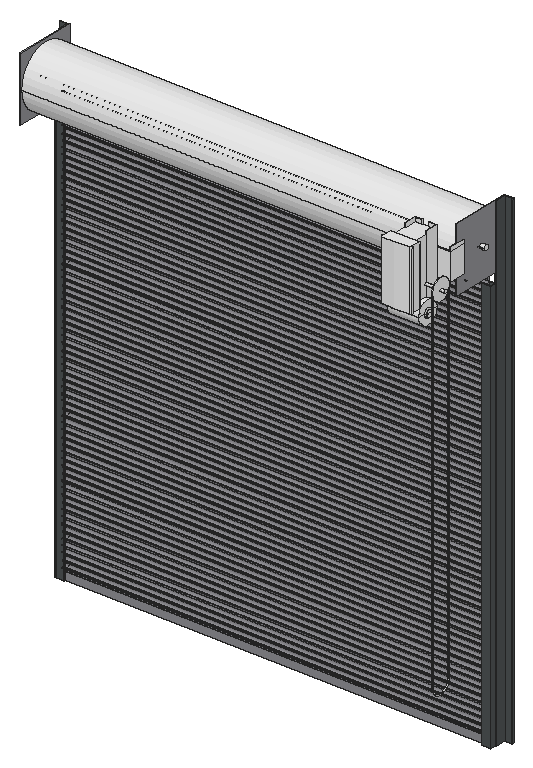
Revit family "Doors_Fire-Doors-Shutters_Overhead-Door-Corporation_FireKing-Fire-Rated-Service-Doors-634_", category Specialty Equipment, host Wall, Revit 2019
Family settings
  Host = Wall
  Round Connector Dimension = Use Diameter
  Part Type = Normal
  OmniClass Number = 23.30.10.21.34
  OmniClass Title = Industrial Doors
  Always vertical = Yes
  Cut with Voids When Loaded = Yes
  Shared = No
  Room Calculation Point = No
Parameters (values of type "115 volts, one phase, 60 Hz (110-120V range)")
  Width Count [instance] = if(or(Opening Width < 168", Opening Width = 168"), 14, if(or(Opening Width < 240", Opening Width = 240"), 20, 24))  # 14
  Warning Sign [instance] = if(Calculated Area > 683.00 SF, 1 = 1, 1 = 2)  # no
  Warning (Note) [instance] = if(Warning Sign, "The Door Area is out of the limit; please adjust accordingly. The maximum allowed area is 683 sq. ft.", if(HC Warning = 1, "Headroom Clearance Dimensions - out of the limits. Consult Factory", " "))  # " "
  Wall Thickness [instance] = 6"
  Voltage = 115 V
  True Opening Width [instance] = Clear Width  # 120"
  True Opening Height [instance] = Clear Height  # 120"
  Slat Type [instance] = if(Slat Option < 2, "C-187", if(Slat Option = 2, "C-275", "F-265"))  # "C-187"
  Slat Option [instance] = 1
  Slat Material [instance] = Steel - Overhead Door - Gray
  Slat Length [instance] = Clear Width + 1 9/16" * 2 + 1/4" * 2  # 123 5/8"
  Slat Height [instance] = if(Slat < 2, 11 9/32", if(Slat = 2, 13 3/4", 13 19/128"))  # 11 9/32"
  Slat [instance] = if(Slat Option < 2, 1, if(Slat Option = 2, 2, 3))  # 1
  Product Page URL = "https://www.overheaddoor.com/fire-rated-service-doors-634"
  Power Factor = 1
  Powder Coat (Note) = "PowderGuard® Premium powder coat finish options are available in approximately 200 colors as well as custom matching to specification. PowderGuard® Textured finish, a thicker, more scratch resistant coat, is available in 11 colors providing enhanced scratch resistance as well as aiding in hiding the dirt and blemishes that often occur in commercial environments.​"  # constant formula
  Operator Visibility = yes
  Operation (Note) [instance] = "Door could operate by manual push, crank, electrical operator or chain hoist. Manual push up and crank could be used up to 80 sf, for larger door sizes you have to use Chain Hoist operator."  # constant formula
  Opening Width Real [instance] = if(Opening Width > Max Opening Width, Max Opening Width, if(Opening Width < Min Opening Width, Min Opening Width, Opening Width))  # 120"
  Opening Width [instance] = 120"
  Opening Height Real [instance] = if(Opening Height > Max Opening Height, Max Opening Height, if(Opening Height < Min Opening Height, Min Opening Height, Opening Height))  # 120"
  Opening Height [instance] = 120"
  One Array element [instance] = not(Array Vis)  # no
  Number of Poles = 1
  Motor Type [instance] = if(Motor Option < 2, "RSX FDO Front of Hood", if(Motor Option = 2, "RSX FDO Top of Hood", if(Motor Option = 3, "RSX Wall Mount", "RSX Bench Mount")))  # "RSX FDO Front of Hood"
  Motor Selection (Note) [instance] = "Generic operator shown. Contact Overhead Door when dimensions are critical. "  # constant formula
  Motor Position [instance] = 2 1/2"  # constant formula
  Motor Option Real [instance] = if(Motor Option < 1, 1, if(Motor Option > 4, 4, Motor Option))  # 1
  Motor Option [instance] = 1
  Min Opening Width [instance] = 18"  # constant formula
  Min Opening Height [instance] = 24"  # constant formula
  Max Opening Width [instance] = 494"  # constant formula
  Max Opening Height [instance] = 304"  # constant formula
  Lookup Table = "Hood Dimensions"  # constant formula
  Lookup BD [instance] = size_lookup(Lookup Table, if(Slat = 1, "A1", if(Slat = 2, "A2", "A3")), 10", Width Count, Height Count)  # 17 1/2"
  Jambs Offset [instance] = 0"  # constant formula
  Installation Real [instance] = Wall Thickness  # 6"
  Hood Type [instance] = if(Hood Option < 2, "No Hood", if(Hood Option = 2, "Square Hood", if(Hood Option = 3, "Octagon Hood", "Round Hood")))  # "No Hood"
  Hood Option [instance] = 1
  Hood Offset [instance] = if(Chain Hoist or Manual, 1", 3")  # 3"
  Hood Material [instance] = Metal - Overhead Door - Gray
  Hood Height [instance] = if(Hood Option > 1, Headroom Height - Hood Offset - 1 1/2", Headroom Height - Hood Offset)  # 18 5/8"
  Height Count [instance] = if(Slat = 1, HC 1, if(Slat = 2, HC 2, HC 3))  # 10
  Lookup HH [instance] = size_lookup(Lookup Table, if(Slat = 1, "B1", if(Slat = 2, "B2", "B3")), 10", Width Count, Height Count)  # 19 5/8"
  Headroom Height [instance] = if(Chain Hoist or Manual, Lookup HH, Lookup HH + 2")  # 21 5/8"
  HC Warning [instance] = size_lookup(Lookup Table, if(Slat = 1, "W1", if(Slat = 2, "W2", "W3")), 0, Width Count, Height Count)  # 0
  HC 3 [instance] = if(or(Opening Height < 120", Opening Height = 120"), 10, if(or(Opening Height < 168", Opening Height = 168"), 14, if(or(Opening Height < 192", Opening Height = 192"), 16, if(or(Opening Height < 216", Opening Height = 216"), 18, if(or(Opening Height < 228", Opening Height = 228"), 19, if(or(Opening Height < 252", Opening Height = 252"), 21, 24))))))  # 10
  HC 2 [instance] = if(or(Opening Height < 120", Opening Height = 120"), 10, if(or(Opening Height < 132", Opening Height = 132"), 11, if(or(Opening Height < 168", Opening Height = 168"), 14, if(or(Opening Height < 192", Opening Height = 192"), 16, if(or(Opening Height < 216", Opening Height = 216"), 18, if(or(Opening Height < 228", Opening Height = 228"), 19, if(or(Opening Height < 252", Opening Height = 252"), 21, 24)))))))  # 10
  HC 1 [instance] = if(or(Opening Height < 120", Opening Height = 120"), 10, if(or(Opening Height < 252", Opening Height = 252"), 21, 24))  # 10
  Guide Type [instance] = "Angled Z Guide"  # constant formula
  Guide Option [instance] = 2  # constant formula
  Guid Depth [instance] = 5"  # constant formula
  Frequency = 60 Hz
  Face of Wall Offset [instance] = 5"  # constant formula
  Door Width True [instance] = Clear Width + 5 3/4" * 2  # 131 1/2"
  Door Width (Real) [instance] = Clear Width + 1" / 2  # 120 1/2"
  Door Height True [instance] = Clear Width + Headroom Height  # 141 5/8"
  Door Height (Real) [instance] = Clear Height + Hood Offset  # 123"
  URL = "https://www.overheaddoor.com/"
  Product data url = "https://www.bimobject.com/overhead-door/product/fireking-fire-rated-service-doors-634"
  Product Guid = "4cbd5561-2503-414f-8e19-e77c0373dcf8"
  Model = "634"  # constant formula
  Manufacturer = "Overhead Door Corporation"  # constant formula
  Wall Closure = By host
  Floor To (CL) of Shaft [instance] = Clear Height + Hood Height / 2 + Hood Offset  # 132 5/16"
  Finish Material = Finish - Overhead Door - Black
  Description = "FireKing Model 634 Rolling Fire Door"  # constant formula
  Clear Width [instance] = Opening Width Real  # 120"
  Clear Height [instance] = Opening Height Real  # 120"
  Chain Hoist or Manual = no
  Current = 20 A
  Connector Array Distance = 0"  # constant formula
  Connector Array = if(Chain Hoist or Manual, 2, 3)  # 3
  Bar [instance] = no
  Backroom Depth [instance] = Lookup BD  # 17 1/2"
  BJ Opening Cut [instance] = 0"  # constant formula
  BJ Displacement Real [instance] = 0"  # constant formula
  Array Vis [instance] = if(Array < 2, 1 = 2, 1 = 1)  # yes
  Array Real [instance] = if(Array < 2, 2, Array)  # 11
  Array Length [instance] = (Array) * Slat Height  # 124 3/32"
  Array [instance] = rounddown(([Door Height (Real)]) / Slat Height) + 1  # 11
  Calculated Area [instance] = [Door Width (Real)] * [Door Height (Real)]  # 102.927 SF
  Apparent Load Phase 3 = if(Number of Poles = 1, 0 VA, (Voltage * Current * sqrt(3)) / 3)  # 0 VA
  Apparent Load Phase 2 = if(Number of Poles = 1, 0 VA, (Voltage * Current * sqrt(3)) / 3)  # 0 VA
  Apparent Load Phase 1 = if(Number of Poles = 1, Voltage * Current, (Voltage * Current * sqrt(3)) / 3)  # 2300 VA
Reference planes (in)
  plane 1 "Center (Front/Back)": y = -14.625
  plane 2 "Center (Left/Right)": x = 0
  plane 3 "Left": x = -60
  plane 4 "Right": x = 60
  plane 5 "Exterior": y = -8.625
  plane 6 "Interior": y = -14.625
  plane 7: x = 65.75
  plane 8: x = -65.75
  plane 9: z = 120
  plane 10 "Main": y = -18.98437
  plane 11 "Backroom Depth": y = -32.125
  plane 12 "Main Door Block": y = -14.625
  plane 13 "Bottom Bar": z = 2.75
  plane 14: y = -19.625
  plane 15: z = 126.84375
  plane 16: z = 141.625
  plane 17: z = 123
  plane 18: z = 143.125
  plane 19: z = 0
  plane 20: z = 60
  plane 21: y = -18.7185
  plane 22: y = 18.375
  plane 23: y = -41.625
  plane 24 "Double Main": y = -18.406
  plane 25 "Headroom Top": z = 141.625
  plane 26: z = 132.3125
  plane 27: x = 63.25
  plane 28: x = -63.25
Forms (in)
  Extrusion 1, void
    sketch origin (0, -14.625, 0) x (0, 0, -1) y (-1, 0, 0)
      loop
        line (-120, 60) -> (-120, -60) -> (0, -60) -> (0, 60) -> (-120, 60)
    from 0 to 6
  Extrusion 2, solid, material "Metal - Overhead Door - Gray" <- "Hood Material", visible <- "Bar"
    sketch origin (0, 0, 0) x (0, 1, 0) y (0, 0, 1)
      loop
        line (-14.875, 141.625) -> (-14.625, 141.625) -> (-14.625, 143.125) -> (-14.875, 143.125) -> (-14.875, 141.625)
    from -63 to 63
Lines and regions (in)
  symbolic lines, visible <- "Bar"
    curve 1: line (63, -14.625, 0) -> (-63, -14.625, 0)
    curve 2: line (-63, -14.875, 0) -> (63, -14.875, 0)
Text (in)
  text "Exterior" at (-74.96733, 27.31104, 0), in view "Ref. Level"
  text "Interior" at (-74.96733, -25.14366, 0), in view "Ref. Level"
  text "Exterior" at (0, 40.15149, 123.01588), in view "Right"
  text "Interior" at (0, -64.39139, 123.01588), in view "Right"
  text "Interior" at (0, -31.01599, 123.00693), in view "Left"
  text "Exterior" at (0, 54.57065, 123.00693), in view "Left"
Dimensions and locks (in)
  equal spacing: plane 3 "Left", plane 2 "Center (Left/Right)", plane 4 "Right"
  "Clear Width": plane 3 "Left" to plane 4 "Right"
  level to host wall = 459.59655"
  "Clear Height": level to plane 9
  plane 7 to plane 8 = 131 1/2"
  equal spacing: plane 7, plane 2 "Center (Left/Right)", plane 8
  locked: plane 13 "Bottom Bar" to level at 2.75
  "Door Width True": plane 7 to plane 8
  "Guid Depth": plane 14 to plane 12 "Main Door Block"
  locked: plane 14 to plane 10 "Main" at 0.64063
  equal spacing: group 1, group 3, group 4, group 5, group 6, group 7, group 8, group 9, group 10, group 11, group 2  (x3)
  "Array Length": plane 15 to plane 13 "Bottom Bar"
  "Backroom Depth": plane 11 "Backroom Depth" to plane 12 "Main Door Block"
  "Hood Height": plane 16 to plane 17
  locked: plane 18 to plane 16 at 1.5
  locked: Extrusion 2 sketch curve to Extrusion 2 sketch curve at 0.25
  "Installation Real": plane 1 "Center (Front/Back)" to plane 5 "Exterior"
  "Wall Thickness": host wall to host wall
  equal spacing: plane 9, plane 20, plane 19
  locked: plane 10 "Main" to plane 21 at 0.26587
  equal spacing: plane 22, host wall, plane 23
  locked: plane 22 to plane 23 at 60
  locked: plane 10 "Main" to plane 24 "Double Main" at 0.57837
  "BJ Opening Cut": Extrusion 1 sketch curve to plane 9
  locked: Extrusion 2 sketch curve to Extrusion 2 sketch curve at 1.5
  "Hood Offset": plane 17 to plane 9
  "Headroom Height": plane 25 "Headroom Top" to plane 9
  "Floor To (CL) of Shaft": plane 26 to level
  "Jambs Offset": plane 4 "Right" to Extrusion 1 sketch curve
  "Jambs Offset": Extrusion 1 sketch curve to plane 3 "Left"
  "Motor Position": plane 7 to plane 27
  "Motor Position": plane 28 to plane 8
  locked: plane 28 to Extrusion 2 at 0.25
  locked: Extrusion 2 to plane 27 at 0.25
  aligned and locked: plane 5 "Exterior" to host wall
  aligned and locked: host wall to plane 6 "Interior"
  aligned and locked: level to Extrusion 1 sketch curve
  aligned and locked: Extrusion 1 to plane 5 "Exterior"
  aligned and locked: plane 6 "Interior" to Extrusion 1
  aligned and locked: nested 1 to plane 10 "Main"
  aligned and locked: nested 2 to plane 10 "Main"
  aligned and locked: plane 13 "Bottom Bar" to nested 1
  aligned and locked: nested 3 to plane 2 "Center (Left/Right)"
  aligned and locked: plane 16 to nested 4
  aligned and locked: nested 3 to level
  aligned and locked: Extrusion 2 sketch curve to plane 18
  aligned and locked: plane 6 "Interior" to Extrusion 2 sketch curve
  aligned and locked: curve 1 to Extrusion 2  (x2)
  aligned and locked: curve 2 to Extrusion 2  (x2)
  aligned and locked: Extrusion 2 to curve 2
  aligned and locked: plane 12 "Main Door Block" to plane 1 "Center (Front/Back)"
  aligned and locked: plane 5 "Exterior" to nested 4
  aligned and locked: level to plane 19
  aligned and locked: plane 15 to nested 2
  aligned and locked: nested 3 to plane 1 "Center (Front/Back)"
  aligned and locked: plane 2 "Center (Left/Right)" to nested 5
  aligned and locked: nested 5 to plane 22
  aligned and locked: plane 23 to nested 6
  aligned and locked: nested 6 to plane 2 "Center (Left/Right)"
  aligned and locked: nested 7 to plane 20
  aligned and locked: plane 2 "Center (Left/Right)" to nested 7
  aligned and locked: nested 7 to plane 10 "Main"
  aligned and locked: plane 13 "Bottom Bar" to nested 8
  aligned and locked: plane 2 "Center (Left/Right)" to nested 8
  aligned and locked: nested 8 to plane 10 "Main"
  aligned and locked: nested 4 to plane 27
  aligned and locked: plane 2 "Center (Left/Right)" to nested 1
  aligned and locked: plane 2 "Center (Left/Right)" to nested 9
Automatic sketch dimensions
  curve 1 to curve 2 = 0"
Nested families (in)
  nested 1: "Slat" at (0, -18.98437, 2.75), visible <- "Array Vis", type "Slat"
  nested 2: "Slat" at (0, -18.98437, 115.56375), visible <- "Array Vis", type "Slat"
  nested 3: "Lifts" at (0, -14.625, 0), type "Frame Unit"
    with Square Hood no, Round Hood no, Octagon Hood no, No Hood yes, Hood Offset 3", Hood Height 18 5/8", Half Hood Height 18 5/8", Floor To (CL) of Shaft 132 5/16"
  nested 4: "Motor" at (56.3705, -39.705, 121.2425), visible <- "Operator Visibility", type "Trolley Motor"
  nested 5: "Label Annotation 1" at (0, 18.375, 0), visible <- "Warning Sign", type "Label Annotation 1"
  nested 6: "Label Annotation 1" at (0, -41.625, 0) x (-1, 0, 0) z (0, 0, 1), visible <- "Warning Sign", type "Label Annotation 1"
  nested 7: "Warning Sign" at (0, -18.98437, 60), visible <- "Warning Sign", type "Warning Sign"
    with Warning Sign no
  nested 8: "Slat" at (0, -18.98437, 2.75), visible <- "One Array element", type "Slat"
  nested 9: "Slat" at (0, -18.98437, 14.03137), visible <- "Array Vis", type "Slat"
  nested 10: "Slat" at (0, -18.98437, 25.31275), visible <- "Array Vis", type "Slat"
  nested 11: "Slat" at (0, -18.98437, 36.59412), visible <- "Array Vis", type "Slat"
  nested 12: "Slat" at (0, -18.98437, 47.8755), visible <- "Array Vis", type "Slat"
  nested 13: "Slat" at (0, -18.98437, 59.15687), visible <- "Array Vis", type "Slat"
  nested 14: "Slat" at (0, -18.98437, 70.43825), visible <- "Array Vis", type "Slat"
  nested 15: "Slat" at (0, -18.98437, 81.71963), visible <- "Array Vis", type "Slat"
  nested 16: "Slat" at (0, -18.98437, 93.001), visible <- "Array Vis", type "Slat"
  nested 17: "Slat" at (0, -18.98437, 104.28238), visible <- "Array Vis", type "Slat"
Connectors (in)
  electrical at (59.3585, -38.31077, 131.8123), driven by "Apparent Load Phase 1", driven by "Number of Poles", driven by "Power Factor", driven by "Voltage", driven by "Apparent Load Phase 2", driven by "Apparent Load Phase 3"
    settings: on nested 4, index 1, voltage 115 V, apparent load 0 VA, apparent load phase1 2300 VA, apparent load phase2 0 VA, apparent load phase3 0 VA, power factor 1, load classification "Other", number of poles 1, system type 31, power factor state 1, is connector primary yes, connector utility no, sub classification motor no, connector description "Electrical Connector"
Definition of nested family "Slat"
  Parameters (values of type "Slat")
    Slat Width = if(Slat Option < 2, 0.53", if(Slat Option = 2, 0.88", 0.63"))  # 0.53"
    Slat Position = if(Slat Option < 2, 1.88" * 6, if(Slat Option = 2, 2 3/4" * 5, 2.63" * 5))  # 11.28"
    Slat Option = 1
    Panel Material = none
    Opening Width = 123 5/8"
    F 265 = if(Slat Option > 2, 1 = 1, 1 = 2)  # no
    Default Elevation = 48"
    C 275 = if(Slat Option = 2, 1 = 1, 1 = 2)  # no
    C 187 = if(Slat Option < 2, 1 = 1, 1 = 2)  # yes
  Reference planes (in)
    plane 1 "Center (Front/Back)": y = 0
    plane 2: z = 0
    plane 3 "Center (Left/Right)": x = 0
    plane 4: x = -61.8125
    plane 5: x = 61.8125
    plane 6: y = 0.53
    plane 7: y = 0
    plane 8: z = 0
    plane 9: z = 11.28
    plane 10: y = 0.265
  Forms (in)
    Extrusion 1, solid, material <- "Panel Material", visible <- "C 187"
      sketch origin (0, -4.98186, 11.28) x (0, 1, 0) y (0, 0, 1)
        loop
          arc (5.13374, -0.19852) -> (5.22413, 0.04375) -> (4.98186, -0.04664) r 0.14213
          arc (4.98186, -0.04664) -> (5.00563, -0.16042) -> (5.08572, -0.24466) r 0.21243
          arc (5.08572, -0.24466) -> (5.4383, -0.89756) -> (5.02595, -1.51447) r 0.71901
          arc (5.02595, -1.51447) -> (4.97908, -1.58828) -> (5.02595, -1.6621) r 0.08156
          arc (5.02595, -1.6621) -> (5.11263, -1.7164) -> (5.18387, -1.78979) r 0.42621
          arc (5.18387, -1.78979) -> (4.98591, -1.90085) -> (5.06579, -2.11331) r 0.17419
          arc (5.06579, -2.11331) -> (5.43875, -2.76611) -> (5.02595, -3.39447) r 0.71901
          arc (5.02595, -3.39447) -> (4.97908, -3.46828) -> (5.02595, -3.5421) r 0.08156
          arc (5.02595, -3.5421) -> (5.11263, -3.5964) -> (5.18387, -3.66979) r 0.42621
          arc (5.18387, -3.66979) -> (4.98591, -3.78085) -> (5.06579, -3.99331) r 0.17419
          arc (5.06579, -3.99331) -> (5.43875, -4.64611) -> (5.02595, -5.27447) r 0.71901
          arc (5.02595, -5.27447) -> (4.97908, -5.34828) -> (5.02595, -5.4221) r 0.08156
          arc (5.02595, -5.4221) -> (5.11263, -5.4764) -> (5.18387, -5.54979) r 0.42621
          arc (5.18387, -5.54979) -> (4.98591, -5.66085) -> (5.06579, -5.87331) r 0.17419
          arc (5.06579, -5.87331) -> (5.43875, -6.52611) -> (5.02595, -7.15447) r 0.71901
          arc (5.02595, -7.15447) -> (4.97908, -7.22828) -> (5.02595, -7.3021) r 0.08156
          arc (5.02595, -7.3021) -> (5.11263, -7.3564) -> (5.18387, -7.42979) r 0.42621
          arc (5.18387, -7.42979) -> (4.98591, -7.54085) -> (5.06579, -7.75331) r 0.17419
          arc (5.06579, -7.75331) -> (5.43875, -8.40611) -> (5.02595, -9.03447) r 0.71901
          arc (5.02595, -9.03447) -> (4.97908, -9.10828) -> (5.02595, -9.1821) r 0.08156
          arc (5.02595, -9.1821) -> (5.11263, -9.2364) -> (5.18387, -9.30979) r 0.42621
          arc (5.18387, -9.30979) -> (4.98591, -9.42085) -> (5.06579, -9.63331) r 0.17419
          arc (5.06579, -9.63331) -> (5.43875, -10.28611) -> (5.02595, -10.91447) r 0.71901
          arc (5.02595, -10.91447) -> (4.97908, -10.98828) -> (5.02595, -11.0621) r 0.08156
          arc (5.02595, -11.0621) -> (5.11263, -11.1164) -> (5.18387, -11.18979) r 0.42621
          arc (5.18387, -11.18979) -> (4.98464, -11.27401) -> (5.11521, -11.44645) r 0.13704
          arc (5.11521, -11.44645) -> (5.2675, -11.35269) -> (5.24767, -11.17496) r 0.167
          arc (5.24767, -11.17496) -> (5.15003, -11.06824) -> (5.03941, -10.97505) r 1.11641
          arc (5.03941, -10.97505) -> (5.51106, -10.31587) -> (5.13374, -9.59852) r 0.77203
          arc (5.13374, -9.59852) -> (5.27713, -9.47917) -> (5.24767, -9.29496) r 0.18851
          arc (5.24767, -9.29496) -> (5.15003, -9.18824) -> (5.03941, -9.09505) r 1.11641
          arc (5.03941, -9.09505) -> (5.51106, -8.43587) -> (5.13374, -7.71852) r 0.77203
          arc (5.13374, -7.71852) -> (5.27713, -7.59917) -> (5.24767, -7.41496) r 0.18851
          arc (5.24767, -7.41496) -> (5.15003, -7.30824) -> (5.03941, -7.21505) r 1.11641
          arc (5.03941, -7.21505) -> (5.51106, -6.55587) -> (5.13374, -5.83852) r 0.77203
          arc (5.13374, -5.83852) -> (5.27713, -5.71917) -> (5.24767, -5.53496) r 0.18851
          arc (5.24767, -5.53496) -> (5.15003, -5.42824) -> (5.03941, -5.33505) r 1.11641
          arc (5.03941, -5.33505) -> (5.51106, -4.67587) -> (5.13374, -3.95852) r 0.77203
          arc (5.13374, -3.95852) -> (5.27713, -3.83917) -> (5.24767, -3.65496) r 0.18851
          arc (5.24767, -3.65496) -> (5.15003, -3.54824) -> (5.03941, -3.45505) r 1.11641
          arc (5.03941, -3.45505) -> (5.51106, -2.79587) -> (5.13374, -2.07852) r 0.77203
          arc (5.13374, -2.07852) -> (5.27713, -1.95917) -> (5.24767, -1.77496) r 0.18851
          arc (5.24767, -1.77496) -> (5.15003, -1.66824) -> (5.03941, -1.57505) r 1.11641
          arc (5.03941, -1.57505) -> (5.51106, -0.91587) -> (5.13374, -0.19852) r 0.77203
      from -61.8125 to 61.8125
    Extrusion 2, solid, material <- "Panel Material", visible <- "F 265"
      sketch origin (0, -4.98186, 11.28) x (0, 1, 0) y (0, 0, 1)
        loop
          arc (5.02225, -13.3083) -> (5.02946, -13.359) -> (5.06714, -13.39369) r 0.07621
          line (5.06714, -13.39369) -> (5.50213, -13.53037)
          arc (5.50213, -13.53037) -> (5.5795, -13.52023) -> (5.61555, -13.45101) r 0.08448
          line (5.61555, -13.45101) -> (5.61555, -11.01166)
          arc (5.61555, -11.01166) -> (5.59226, -10.95542) -> (5.53602, -10.93213) r 0.07953
          line (5.53602, -10.93213) -> (5.07146, -10.90651)
          arc (5.07146, -10.90651) -> (5.05162, -10.89829) -> (5.0434, -10.87845) r 0.02806
          line (5.0434, -10.87845) -> (5.06714, -10.76816) -> (5.50213, -10.90484)
          arc (5.50213, -10.90484) -> (5.5795, -10.8947) -> (5.61555, -10.82548) r 0.08448
          line (5.61555, -10.82548) -> (5.61555, -8.38613)
          arc (5.61555, -8.38613) -> (5.59226, -8.32989) -> (5.53602, -8.3066) r 0.07953
          line (5.53602, -8.3066) -> (5.07145, -8.28099)
          arc (5.07145, -8.28099) -> (5.05162, -8.27278) -> (5.0434, -8.25295) r 0.02804
          line (5.0434, -8.25295) -> (5.06682, -8.14253) -> (5.50213, -8.27931)
          arc (5.50213, -8.27931) -> (5.5795, -8.26916) -> (5.61555, -8.19995) r 0.08448
          line (5.61555, -8.19995) -> (5.61555, -5.7606)
          arc (5.61555, -5.7606) -> (5.59226, -5.70436) -> (5.53602, -5.68106) r 0.07953
          line (5.53602, -5.68106) -> (5.07146, -5.65544)
          arc (5.07146, -5.65544) -> (5.05162, -5.64722) -> (5.0434, -5.62738) r 0.02806
          line (5.0434, -5.62738) -> (5.06714, -5.51709) -> (5.50213, -5.65378)
          arc (5.50213, -5.65378) -> (5.5795, -5.64363) -> (5.61555, -5.57441) r 0.08448
          line (5.61555, -5.57441) -> (5.61555, -3.13506)
          arc (5.61555, -3.13506) -> (5.59226, -3.07882) -> (5.53602, -3.05553) r 0.07953
          line (5.53602, -3.05553) -> (5.07145, -3.02992)
          arc (5.07145, -3.02992) -> (5.05162, -3.02171) -> (5.0434, -3.00188) r 0.02804
          line (5.0434, -3.00188) -> (5.06682, -2.89146) -> (5.50213, -3.02824)
          arc (5.50213, -3.02824) -> (5.5795, -3.0181) -> (5.61555, -2.94888) r 0.08448
          line (5.61555, -2.94888) -> (5.61555, -0.50953)
          arc (5.61555, -0.50953) -> (5.59226, -0.45329) -> (5.53602, -0.43) r 0.07953
          line (5.53602, -0.43) -> (5.07094, -0.40562)
          arc (5.07094, -0.40562) -> (5.05177, -0.39768) -> (5.04383, -0.37851) r 0.02711
          line (5.04383, -0.37851) -> (5.09718, -0.11725)
          arc (5.09718, -0.11725) -> (5.4945, 0.04334) -> (5.06596, 0.04602) r 0.21842
          line (5.06596, 0.04602) -> (4.98186, -0.36586)
          arc (4.98186, -0.36586) -> (4.99921, -0.43741) -> (5.06536, -0.46972) r 0.08656
          line (5.06536, -0.46972) -> (5.51922, -0.48958)
          arc (5.51922, -0.48958) -> (5.54224, -0.4991) -> (5.55178, -0.52211) r 0.03256
          line (5.55178, -0.52211) -> (5.55375, -2.9399)
          arc (5.55375, -2.9399) -> (5.54189, -2.96619) -> (5.51328, -2.96983) r 0.02952
          line (5.51328, -2.96983) -> (5.0787, -2.83327) -> (5.09726, -2.74238)
          arc (5.09726, -2.74238) -> (5.49489, -2.58243) -> (5.06631, -2.57951) r 0.21842
          line (5.06631, -2.57951) -> (4.98186, -2.99139)
          arc (4.98186, -2.99139) -> (4.99921, -3.06294) -> (5.06536, -3.09526) r 0.08656
          line (5.06536, -3.09526) -> (5.51922, -3.11511)
          arc (5.51922, -3.11511) -> (5.54224, -3.12464) -> (5.55178, -3.14764) r 0.03256
          line (5.55178, -3.14764) -> (5.55375, -5.56543)
          arc (5.55375, -5.56543) -> (5.54189, -5.59173) -> (5.51328, -5.59536) r 0.02952
          line (5.51328, -5.59536) -> (5.07902, -5.45891) -> (5.09752, -5.36831)
          arc (5.09752, -5.36831) -> (5.49485, -5.20773) -> (5.06631, -5.20505) r 0.21842
          line (5.06631, -5.20505) -> (4.98186, -5.61692)
          arc (4.98186, -5.61692) -> (4.99921, -5.68847) -> (5.06536, -5.72079) r 0.08656
          line (5.06536, -5.72079) -> (5.51922, -5.74064)
          arc (5.51922, -5.74064) -> (5.54224, -5.75017) -> (5.55178, -5.77318) r 0.03256
          line (5.55178, -5.77318) -> (5.55375, -8.19096)
          arc (5.55375, -8.19096) -> (5.54189, -8.21726) -> (5.51328, -8.22089) r 0.02952
          line (5.51328, -8.22089) -> (5.0787, -8.08434) -> (5.09726, -7.99345)
          arc (5.09726, -7.99345) -> (5.49489, -7.83349) -> (5.06631, -7.83058) r 0.21842
          line (5.06631, -7.83058) -> (4.98186, -8.24245)
          arc (4.98186, -8.24245) -> (4.99921, -8.31401) -> (5.06536, -8.34632) r 0.08656
          line (5.06536, -8.34632) -> (5.51922, -8.36618)
          arc (5.51922, -8.36618) -> (5.54224, -8.3757) -> (5.55178, -8.39871) r 0.03256
          line (5.55178, -8.39871) -> (5.55375, -10.8165)
          arc (5.55375, -10.8165) -> (5.54189, -10.84279) -> (5.51328, -10.84643) r 0.02952
          line (5.51328, -10.84643) -> (5.07902, -10.70997) -> (5.09752, -10.61938)
          arc (5.09752, -10.61938) -> (5.49485, -10.45879) -> (5.06631, -10.45611) r 0.21842
          line (5.06631, -10.45611) -> (4.98186, -10.86799)
          arc (4.98186, -10.86799) -> (4.99921, -10.93954) -> (5.06536, -10.97185) r 0.08656
          line (5.06536, -10.97185) -> (5.51922, -10.99171)
          arc (5.51922, -10.99171) -> (5.54224, -11.00124) -> (5.55178, -11.02424) r 0.03256
          line (5.55178, -11.02424) -> (5.55375, -13.44203)
          arc (5.55375, -13.44203) -> (5.54189, -13.46832) -> (5.51328, -13.47196) r 0.02952
          line (5.51328, -13.47196) -> (5.0787, -13.3354) -> (5.09726, -13.24451)
          arc (5.09726, -13.24451) -> (5.49489, -13.08456) -> (5.06631, -13.08164) r 0.21842
          line (5.06631, -13.08164) -> (5.01978, -13.30779)
      from -61.8125 to 61.8125
    Extrusion 3, solid, material <- "Panel Material", visible <- "C 275"
      sketch origin (0, -4.98186, 11.28) x (0, 1, 0) y (0, 0, 1)
        loop
          line (5.41686, -0.22417) -> (5.41686, 0)
          arc (5.41686, 0) -> (5.05386, 0.17026) -> (5.15503, -0.21771) r 0.22143
          arc (5.15503, -0.21771) -> (5.50356, -0.34009) -> (5.79849, -0.56251) r 1.20236
          line (5.79849, -0.56251) -> (5.79849, -1.75298)
          arc (5.79849, -1.75298) -> (5.49161, -2.09311) -> (5.07676, -2.28744) r 1.15681
          arc (5.07676, -2.28744) -> (4.97768, -2.42727) -> (5.10235, -2.54485) r 0.13061
          arc (5.10235, -2.54485) -> (4.97574, -2.77341) -> (5.15503, -2.96347) r 0.22143
          arc (5.15503, -2.96347) -> (5.50356, -3.08586) -> (5.79849, -3.30827) r 1.20236
          line (5.79849, -3.30827) -> (5.79849, -4.49874)
          arc (5.79849, -4.49874) -> (5.49161, -4.83887) -> (5.07676, -5.03321) r 1.15681
          arc (5.07676, -5.03321) -> (4.97829, -5.17815) -> (5.11266, -5.29063) r 0.13061
          arc (5.11266, -5.29063) -> (4.97511, -5.51807) -> (5.15503, -5.71371) r 0.22143
          arc (5.15503, -5.71371) -> (5.50356, -5.8361) -> (5.79849, -6.05851) r 1.20236
          line (5.79849, -6.05851) -> (5.79849, -7.24898)
          arc (5.79849, -7.24898) -> (5.49161, -7.58911) -> (5.07676, -7.78344) r 1.15681
          arc (5.07676, -7.78344) -> (4.97768, -7.92327) -> (5.10235, -8.04085) r 0.13061
          arc (5.10235, -8.04085) -> (4.97574, -8.26941) -> (5.15503, -8.45948) r 0.22143
          arc (5.15503, -8.45948) -> (5.50356, -8.58186) -> (5.79849, -8.80427) r 1.20236
          line (5.79849, -8.80427) -> (5.79849, -9.99475)
          arc (5.79849, -9.99475) -> (5.49161, -10.33487) -> (5.07676, -10.52921) r 1.15681
          arc (5.07676, -10.52921) -> (4.97829, -10.67415) -> (5.11266, -10.78663) r 0.13061
          arc (5.11266, -10.78663) -> (4.97511, -11.01407) -> (5.15503, -11.20971) r 0.22143
          arc (5.15503, -11.20971) -> (5.50356, -11.3321) -> (5.79849, -11.55451) r 1.20236
          line (5.79849, -11.55451) -> (5.79849, -12.74498)
          arc (5.79849, -12.74498) -> (5.49161, -13.08511) -> (5.07676, -13.27945) r 1.15681
          arc (5.07676, -13.27945) -> (4.97768, -13.41927) -> (5.10235, -13.53685) r 0.13061
          arc (5.10235, -13.53685) -> (5.21569, -13.95826) -> (5.25036, -13.52326) r 0.22143
          line (5.25036, -13.52326) -> (5.07719, -13.43535)
          arc (5.07719, -13.43535) -> (5.0486, -13.38199) -> (5.08882, -13.33673) r 0.0529
          arc (5.08882, -13.33673) -> (5.53303, -13.12837) -> (5.85849, -12.7612) r 1.21407
          line (5.85849, -12.7612) -> (5.85849, -11.53168)
          arc (5.85849, -11.53168) -> (5.65615, -11.34806) -> (5.41686, -11.21617) r 1.17443
          line (5.41686, -11.21617) -> (5.41686, -10.992)
          arc (5.41686, -10.992) -> (5.38383, -10.87566) -> (5.29461, -10.79403) r 0.22143
          line (5.29461, -10.79403) -> (5.07719, -10.68511)
          arc (5.07719, -10.68511) -> (5.0486, -10.63175) -> (5.08882, -10.58649) r 0.0529
          arc (5.08882, -10.58649) -> (5.53303, -10.37813) -> (5.85849, -10.01096) r 1.21407
          line (5.85849, -10.01096) -> (5.85849, -8.78144)
          arc (5.85849, -8.78144) -> (5.65615, -8.59783) -> (5.41686, -8.46594) r 1.17443
          line (5.41686, -8.46594) -> (5.41686, -8.24176)
          arc (5.41686, -8.24176) -> (5.37035, -8.10599) -> (5.25036, -8.02726) r 0.22143
          line (5.25036, -8.02726) -> (5.07719, -7.93935)
          arc (5.07719, -7.93935) -> (5.0486, -7.88599) -> (5.08882, -7.84073) r 0.0529
          arc (5.08882, -7.84073) -> (5.53303, -7.63236) -> (5.85849, -7.26519) r 1.21407
          line (5.85849, -7.26519) -> (5.85849, -6.03568)
          arc (5.85849, -6.03568) -> (5.65615, -5.85206) -> (5.41686, -5.72017) r 1.17443
          line (5.41686, -5.72017) -> (5.41686, -5.496)
          arc (5.41686, -5.496) -> (5.39015, -5.39058) -> (5.31648, -5.31059) r 0.22143
          line (5.31648, -5.31059) -> (5.07719, -5.18911)
          arc (5.07719, -5.18911) -> (5.0486, -5.13575) -> (5.08882, -5.09049) r 0.0529
          arc (5.08882, -5.09049) -> (5.53303, -4.88213) -> (5.85849, -4.51496) r 1.21407
          line (5.85849, -4.51496) -> (5.85849, -3.28544)
          arc (5.85849, -3.28544) -> (5.65615, -3.10183) -> (5.41686, -2.96993) r 1.17443
          line (5.41686, -2.96993) -> (5.41686, -2.74576)
          arc (5.41686, -2.74576) -> (5.37035, -2.60999) -> (5.25036, -2.53126) r 0.22143
          line (5.25036, -2.53126) -> (5.07719, -2.44335)
          arc (5.07719, -2.44335) -> (5.0486, -2.38998) -> (5.08882, -2.34473) r 0.0529
          arc (5.08882, -2.34473) -> (5.53303, -2.13636) -> (5.85849, -1.76919) r 1.21407
          line (5.85849, -1.76919) -> (5.85849, -0.53968)
          arc (5.85849, -0.53968) -> (5.65615, -0.35606) -> (5.41686, -0.22417) r 1.17443
      from -61.8125 to 61.8125
  Lines and regions (in)
    reference lines
      curve 1: line (0, -4.98186, 11.28) -> (0, 9.9877, 11.28)
  Dimensions and locks (in)
    equal spacing: plane 4, plane 3 "Center (Left/Right)", plane 5
    "Opening Width": plane 4 to plane 5
    "Slat Width": plane 1 "Center (Front/Back)" to plane 6
    "Slat Position": plane 9 to level
    equal spacing: plane 1 "Center (Front/Back)", plane 10, plane 6
    aligned and locked: plane 2 to level
    aligned and locked: plane 1 "Center (Front/Back)" to plane 7
    aligned and locked: level to plane 8
    aligned and locked: plane 5 to Extrusion 1
    aligned and locked: plane 4 to Extrusion 1
    aligned and locked: plane 5 to Extrusion 2
    aligned and locked: plane 4 to Extrusion 2
    aligned and locked: plane 5 to Extrusion 3
    aligned and locked: plane 4 to Extrusion 3
    aligned and locked: curve 1 to plane 9
  Automatic sketch dimensions
    plane 1 "Center (Front/Back)" to curve 1 = 4.98186"
    curve 1 to plane 6 = 9.4577"
    curve 1 to Extrusion 1 sketch curve = 4.37692"
    Extrusion 1 sketch curve to Extrusion 1 sketch curve = 0"  (x25)
    Extrusion 1 sketch curve to Extrusion 1 sketch curve = 0.34316"  (x6)
    Extrusion 1 sketch curve to Extrusion 1 sketch curve = 0.02075"  (x6)
    Extrusion 1 sketch curve to Extrusion 1 sketch curve = 0.46772"  (x6)
    Extrusion 1 sketch curve to Extrusion 1 sketch curve = 0.21601"  (x6)
    Extrusion 1 sketch curve to Extrusion 1 sketch curve = 0.25599"  (x5)
    Extrusion 1 sketch curve to Extrusion 1 sketch curve = 0.0004"
    curve 1 to Extrusion 1 sketch curve = 0.05675"
    Extrusion 1 sketch curve to Extrusion 1 sketch curve = 49/128"
    Extrusion 1 sketch curve to Extrusion 1 sketch curve = 0.04891"  (x5)
    Extrusion 1 sketch curve to Extrusion 1 sketch curve = 0.07012"
    curve 1 to Extrusion 1 sketch curve = 0.06175"
    curve 1 to Extrusion 1 sketch curve = 0.86309"
    Extrusion 1 sketch curve to Extrusion 1 sketch curve = 0.00067"  (x6)
    Extrusion 1 sketch curve to Extrusion 1 sketch curve = 0.72519"  (x6)
    Extrusion 1 sketch curve to Extrusion 1 sketch curve = 0.30465"  (x5)
    Extrusion 1 sketch curve to Extrusion 1 sketch curve = 0.06764"  (x5)
    Extrusion 1 sketch curve to Extrusion 1 sketch curve = 0.15488"  (x5)
    Extrusion 1 sketch curve to Extrusion 1 sketch curve = 0.42583"  (x6)
    Extrusion 1 sketch curve to Extrusion 1 sketch curve = 0.26945"  (x5)
    Extrusion 1 sketch curve to Extrusion 1 sketch curve = 0.02995"
    curve 1 to Extrusion 1 sketch curve = 0.04664"
    Extrusion 1 sketch curve to Extrusion 1 sketch curve = 0.0347"  (x8)
    Extrusion 1 sketch curve to Extrusion 1 sketch curve = 0.02124"  (x6)
    Extrusion 1 sketch curve to Extrusion 1 sketch curve = 0.00181"
    Extrusion 1 sketch curve to Extrusion 1 sketch curve = 0.04801"
    Extrusion 1 sketch curve to Extrusion 1 sketch curve = 0.06794"  (x5)
    Extrusion 1 sketch curve to Extrusion 1 sketch curve = 0.0638"  (x3)
    Extrusion 3 sketch curve to Extrusion 3 sketch curve = 0"  (x17)
    curve 1 to Extrusion 3 sketch curve = 0"
    curve 1 to Extrusion 3 sketch curve = 4.80317"
    Extrusion 3 sketch curve to Extrusion 3 sketch curve = 0.0028"  (x5)
    Extrusion 3 sketch curve to Extrusion 3 sketch curve = 0.12969"  (x5)
    Extrusion 3 sketch curve to Extrusion 3 sketch curve = 0.03778"  (x5)
    Extrusion 3 sketch curve to Extrusion 3 sketch curve = 0.14152"  (x5)
    curve 1 to Extrusion 3 sketch curve = 2.44335"
    Extrusion 3 sketch curve to Extrusion 3 sketch curve = 0.02395"  (x5)
    Extrusion 3 sketch curve to Extrusion 3 sketch curve = 0.00651"  (x5)
    Extrusion 3 sketch curve to Extrusion 3 sketch curve = 0.11824"  (x5)
    Extrusion 3 sketch curve to Extrusion 3 sketch curve = 0.38946"
    Extrusion 3 sketch curve to Extrusion 3 sketch curve = 0.14271"  (x3)
    curve 1 to Extrusion 3 sketch curve = 2 17/32"
    Extrusion 3 sketch curve to Extrusion 3 sketch curve = 0.09917"
    Extrusion 3 sketch curve to Extrusion 3 sketch curve = 0.12104"
    Extrusion 3 sketch curve to Extrusion 3 sketch curve = 0.22143"  (x5)
    Extrusion 3 sketch curve to Extrusion 3 sketch curve = 0.38163"  (x4)
    Extrusion 3 sketch curve to Extrusion 3 sketch curve = 0.86282"
    Extrusion 3 sketch curve to Extrusion 3 sketch curve = 0.06"  (x5)
    Extrusion 3 sketch curve to Extrusion 3 sketch curve = 0.22417"  (x4)
    Extrusion 3 sketch curve to Extrusion 3 sketch curve = 0.31551"  (x4)
    Extrusion 3 sketch curve to Extrusion 3 sketch curve = 0.02283"  (x5)
    Extrusion 3 sketch curve to Extrusion 3 sketch curve = 0.14822"  (x4)
    Extrusion 3 sketch curve to Extrusion 3 sketch curve = 0.00061"  (x5)
    Extrusion 3 sketch curve to Extrusion 3 sketch curve = 0.08821"  (x5)
    Extrusion 3 sketch curve to Extrusion 3 sketch curve = 0.35309"  (x5)
    Extrusion 3 sketch curve to Extrusion 3 sketch curve = 0.01621"  (x5)
    Extrusion 3 sketch curve to Extrusion 3 sketch curve = 0.6432"  (x3)
    Extrusion 3 sketch curve to Extrusion 3 sketch curve = 0.01817"  (x5)
    Extrusion 3 sketch curve to Extrusion 3 sketch curve = 0.029"  (x4)
    Extrusion 3 sketch curve to Extrusion 3 sketch curve = 0.13791"
    Extrusion 3 sketch curve to Extrusion 3 sketch curve = 0.21451"
    Extrusion 3 sketch curve to Extrusion 3 sketch curve = 0.76206"
    Extrusion 3 sketch curve to Extrusion 3 sketch curve = 0.14761"
    curve 1 to Extrusion 3 sketch curve = 9/16"
    Extrusion 3 sketch curve to Extrusion 3 sketch curve = 0.02516"  (x3)
    Extrusion 3 sketch curve to Extrusion 3 sketch curve = 0.03547"  (x2)
    curve 1 to Extrusion 2 sketch curve = 4.98186"  (x2)
    curve 1 to Extrusion 2 sketch curve = 0.36586"
    Extrusion 2 sketch curve to Extrusion 2 sketch curve = 0"  (x4)
    curve 1 to Extrusion 2 sketch curve = 2.99139"
    Extrusion 2 sketch curve to Extrusion 2 sketch curve = 0.06154"  (x4)
    curve 1 to Extrusion 2 sketch curve = 0.37851"
    Extrusion 2 sketch curve to Extrusion 2 sketch curve = 0.06197"
    Extrusion 2 sketch curve to Extrusion 2 sketch curve = 0.02196"  (x4)
    curve 1 to Extrusion 2 sketch curve = 0.46972"
    Extrusion 2 sketch curve to Extrusion 2 sketch curve = 0.02153"
    curve 1 to Extrusion 2 sketch curve = 3.09526"
    Extrusion 2 sketch curve to curve 1 = 0.04602"
    Extrusion 2 sketch curve to Extrusion 2 sketch curve = 0.0841"
    Extrusion 2 sketch curve to Extrusion 2 sketch curve = 0.02327"  (x4)
    Extrusion 2 sketch curve to Extrusion 2 sketch curve = 3/128"  (x2)
    Extrusion 2 sketch curve to Extrusion 2 sketch curve = 0.02374"  (x2)
    curve 1 to Extrusion 2 sketch curve = 0.40562"
    Extrusion 2 sketch curve to Extrusion 2 sketch curve = 0.00478"  (x2)
    Extrusion 2 sketch curve to Extrusion 2 sketch curve = 0.00479"  (x2)
    Extrusion 2 sketch curve to Extrusion 2 sketch curve = 0.01188"  (x4)
    curve 1 to Extrusion 2 sketch curve = 0.11725"
    Extrusion 2 sketch curve to Extrusion 2 sketch curve = 0.03122"
    Extrusion 2 sketch curve to Extrusion 2 sketch curve = 0.01856"  (x3)
    Extrusion 2 sketch curve to Extrusion 2 sketch curve = 0.0319"
    Extrusion 2 sketch curve to Extrusion 2 sketch curve = 0.0185"  (x2)
    Extrusion 2 sketch curve to curve 1 = 0.00232"
    Extrusion 2 sketch curve to Extrusion 2 sketch curve = 0.18305"  (x3)
    Extrusion 2 sketch curve to Extrusion 2 sketch curve = 0.18279"  (x2)
    Extrusion 2 sketch curve to Extrusion 2 sketch curve = 0.43067"
    Extrusion 2 sketch curve to Extrusion 2 sketch curve = 0.43068"  (x2)
    Extrusion 2 sketch curve to Extrusion 2 sketch curve = 0.01115"  (x5)
    Extrusion 2 sketch curve to Extrusion 2 sketch curve = 0.0171"  (x4)
    curve 1 to Extrusion 2 sketch curve = 0.48958"
    Extrusion 2 sketch curve to Extrusion 2 sketch curve = 0.45386"
    Extrusion 2 sketch curve to Extrusion 2 sketch curve = 0.01106"  (x5)
    Extrusion 2 sketch curve to Extrusion 2 sketch curve = 0.00673"  (x5)
    Extrusion 2 sketch curve to Extrusion 2 sketch curve = 0.03389"  (x2)
    curve 1 to Extrusion 2 sketch curve = 0.43"
    Extrusion 2 sketch curve to Extrusion 2 sketch curve = 0.0168"  (x3)
    Extrusion 2 sketch curve to Extrusion 2 sketch curve = 0.01577"  (x5)
    curve 1 to Extrusion 2 sketch curve = 0.52211"
    Extrusion 2 sketch curve to Extrusion 2 sketch curve = 0.02268"  (x4)
    Extrusion 2 sketch curve to Extrusion 2 sketch curve = 0.0618"  (x2)
    Extrusion 2 sketch curve to Extrusion 2 sketch curve = 0.06377"  (x3)
    Extrusion 2 sketch curve to Extrusion 2 sketch curve = 0.02978"
    Extrusion 2 sketch curve to Extrusion 2 sketch curve = 0.40521"
    Extrusion 2 sketch curve to Extrusion 2 sketch curve = 0.01985"
    Extrusion 2 sketch curve to Extrusion 2 sketch curve = 0.01995"  (x4)
    Extrusion 2 sketch curve to Extrusion 2 sketch curve = 0.01258"  (x4)
    Extrusion 2 sketch curve to Extrusion 2 sketch curve = 2.10108"  (x4)
    Extrusion 2 sketch curve to Extrusion 2 sketch curve = 0.11957"  (x2)
    Extrusion 2 sketch curve to Extrusion 2 sketch curve = 0.09059"  (x2)
    Extrusion 2 sketch curve to Extrusion 2 sketch curve = 0.05819"  (x4)
    Extrusion 2 sketch curve to Extrusion 2 sketch curve = 0.31669"  (x3)
    Extrusion 2 sketch curve to Extrusion 2 sketch curve = 0.00256"  (x3)
    Extrusion 2 sketch curve to Extrusion 2 sketch curve = 0.00898"  (x4)
    Extrusion 2 sketch curve to Extrusion 2 sketch curve = 0.09983"  (x2)
    Extrusion 2 sketch curve to Extrusion 2 sketch curve = 0.01046"  (x2)
    Extrusion 2 sketch curve to Extrusion 2 sketch curve = 0.00686"  (x2)
    Extrusion 2 sketch curve to Extrusion 2 sketch curve = 0.02729"  (x4)
    Extrusion 2 sketch curve to Extrusion 2 sketch curve = 0.11917"  (x3)
    Extrusion 2 sketch curve to Extrusion 2 sketch curve = 0.09089"  (x3)
    Extrusion 2 sketch curve to Extrusion 2 sketch curve = 0.09993"
    Extrusion 2 sketch curve to Extrusion 2 sketch curve = 0.01049"
    Extrusion 2 sketch curve to Extrusion 2 sketch curve = 0.00683"
    Extrusion 2 sketch curve to Extrusion 2 sketch curve = 0.07015"
    Extrusion 2 sketch curve to Extrusion 2 sketch curve = 0.12104"
    Extrusion 2 sketch curve to Extrusion 2 sketch curve = 0.00642"  (x2)
    Extrusion 2 sketch curve to Extrusion 2 sketch curve = 0.02095"  (x2)
    Extrusion 2 sketch curve to Extrusion 2 sketch curve = 0.05841"
    Extrusion 2 sketch curve to Extrusion 2 sketch curve = 0.02122"
    Extrusion 2 sketch curve to Extrusion 2 sketch curve = 0.11042"
    Extrusion 2 sketch curve to Extrusion 2 sketch curve = 0.07748"
    Extrusion 2 sketch curve to Extrusion 2 sketch curve = 0.03156"  (x2)
    curve 1 to Extrusion 2 sketch curve = 2.57951"
    Extrusion 2 sketch curve to Extrusion 2 sketch curve = 0.0313"  (x2)
    Extrusion 2 sketch curve to Extrusion 2 sketch curve = 0.00034"  (x5)
    Extrusion 2 sketch curve to Extrusion 2 sketch curve = 0.07467"
    Extrusion 2 sketch curve to Extrusion 2 sketch curve = 0.01822"
    Extrusion 2 sketch curve to Extrusion 2 sketch curve = 0.02761"
    Extrusion 2 sketch curve to Extrusion 2 sketch curve = 0.01186"
    Extrusion 1 sketch curve to Extrusion 1 sketch curve = 0.06645"
    Extrusion 1 sketch curve to Extrusion 1 sketch curve = 0.09107"
Definition of nested family "Lifts"
  Parameters (values of type "Frame Unit")
    True Width = if(Between Jambs, Opening Width, Opening Width + 1/2")  # 120 1/2"
    Square Hood [instance] = if(Hood Option = 2, 1 = 1, 1 = 2)  # no
    Round Hood [instance] = if(Hood Option > 3, 1 = 1, 1 = 2)  # no
    Rough Width = 0"
    Rough Height = 0"
    Octagon Hood [instance] = if(Hood Option = 3, 1 = 1, 1 = 2)  # no
    No Hood [instance] = if(Hood Option < 2, 1 = 1, 1 = 2)  # yes
    Hood Type = if(Hood Option < 2, "No Hood", if(Hood Option = 2, "Square Hood", if(Hood Option = 3, "Octagon Hood", "Round Hood")))  # "No Hood"
    Hood Option = 1
    Hood Offset = 3 1/2"
    Hood Height = Headroom Height Real - Hood Offset  # 18 1/8"
    Headroom Height Real = if(Between Jambs, Headroom Height, if(Hood Option > 1, Headroom Height - 1 1/2", Headroom Height))  # 21 5/8"
    Half Octagon Side = (Radius Hood * 2 * tan(180.00° / 8)) / 2  # 3.62437"
    Half Hood Height = Headroom Height - Hood Offset  # 18 1/8"
    E Guide Width = if(Between Jambs, Guide Offset - Z Guide Offset + BJ Connection Length - BJ Displacement * 2 / 3, 3 3/8")  # 3 3/8"
    E Guide Height = 3 7/16"
    Z Guide = 1 = 1  # yes
    Slat Material = none
    Shaft Offset = if(Hood Height < Header Width, (Header Width - (Header Width - Hood Height)) / 2, Header Width / 2)  # 8 3/4"
    Shaft Material = none
    Shaft Length 2 = 4 3/4"  # constant formula
    Shaft Length 1 = 4 3/4"  # constant formula
    Setback = if(Between Jambs, 0", 1/4")  # 1/4"
    Radius Hood = Shaft Offset  # 8 3/4"
    Opening Width = 120"
    Hood Material = none
    Headroom Height = 21 5/8"
    Header Width = 17 1/2"
    Opening Height = 120"
    Guide Type = if(Between Jambs, "Angled Between Jambs Z Guide", "Angled Z Guide")  # "Angled Z Guide"
    Guide Option = if(Between Jambs, 1, 2)  # 2
    Guide Offset = BJ Displacement + Z Guide Offset  # 3"
    Guide Z Wide = if(Between Jambs, Guide Offset - Z Guide Offset + BJ Connection Length - BJ Displacement * 2 / 3, 2 1/2")  # 2 1/2"
    Guide Z Height = 3.438"  # constant formula
    Floor To (CL) of Shaft = 132 9/16"
    Finish Material = none
    Face to Wall Mount = not(Between Jambs)  # yes
    Z Guide Offset = if(Between Jambs, 2 3/4", 3")  # 3"
    E Guide = if(Between Jambs, 1 = 1, 1 = 2)  # no
    Between Jambs = no
    BJ Position = if(and(Between Jambs, Guide Option < 2), 1/4", 0")  # 0"
    BJ Displacement = 0"
    BJ Connection Length = 1 / 3 * BJ Displacement  # 0"
    Angled Guide = 1 = 1  # yes
    Analytic Construction = "<None>"
  Reference planes (in)
    plane 1 "Center (Front/Back)": y = 0
    plane 2: z = 0
    plane 3 "Center (Left/Right)": x = 0
    plane 4 "Opening Height": z = 120
    plane 5: x = -65
    plane 6: x = 65
    plane 7: z = 141.625
    plane 8: y = 17.5
    plane 9 "Real Opening 2": x = -60.25
    plane 10 "Real Opening 1": x = 60.25
    plane 11: z = 123.5
    plane 12 "Main": y = 0
    plane 13: z = 132.5625
    plane 14: y = 8.75
    plane 15: x = 63.25
    plane 16: x = -63.25
    plane 17: x = -63.25
    plane 18: x = 63.25
    plane 19: y = 5
    plane 20: x = -63
    plane 21: x = 63
    plane 22: y = 8.75
    plane 23: z = 143.125
  Forms (in)
    Extrusion 1, solid, material <- "Slat Material"
      sketch origin (0, 0, 0) x (0, 1, 0) y (0, 0, 1)
        loop
          line (4.406, 2.375) -> (4.406, 2.75) -> (3.781, 2.75) -> (3.781, 2.375) -> (4.406, 2.375)
      from -63 to 63
    Extrusion 2, solid, material <- "Slat Material"
      sketch origin (0, 0, 0) x (0, 1, 0) y (0, 0, 1)
        loop
          line (4.406, 2.375) -> (3.781, 2.375) -> (3.781, 0) -> (4.406, 0) -> (4.406, 2.375)
      from -63 to 63
    Extrusion 3, solid, material <- "Shaft Material"
      sketch origin (0, -5.35201, 0) x (0, 1, 0) y (0, 0, 1)
        loop
          circle (14.10201, 132.5625) r 0.6
      from -65 to 65
    Extrusion 4, solid, material <- "Hood Material", visible <- "Square Hood"
      sketch origin (0, 0, 0) x (0, 1, 0) y (0, 0, 1)
        loop
          line (0, 123.5) -> (17.5, 123.5) -> (17.5, 141.625) -> (0, 141.625) -> (0, 123.5)
      from -63 to 63
    Extrusion 5, solid, material <- "Hood Material", visible <- "Round Hood"
      sketch origin (0, 0, 0) x (0, 1, 0) y (0, 0, 1)
        loop
          line (0, 141.625) -> (0, 123.5) -> (8.75, 123.5)
          arc (8.75, 123.5) -> (17.8125, 132.5625) -> (8.75, 141.625) r 9.0625
          line (8.75, 141.625) -> (0, 141.625)
      from -63 to 63
    Extrusion 6, solid, material <- "Finish Material", visible <- "E Guide"
      sketch origin (0, 0, 0) x (1, 0, 0) y (0, 1, 0)
        loop
          line (59.875, 0) -> (63.25, 0) -> (63.25, 3.4375) -> (63.1875, 3.4375)
          arc (63.1875, 3.4375) -> (63.05492, 3.38258) -> (63, 3.25) r 0.1875
          line (63, 3.25) -> (63, 0.25) -> (60.0625, 0.25)
          arc (60.0625, 0.25) -> (59.92992, 0.19508) -> (59.875, 0.0625) r 0.1875
          line (59.875, 0.0625) -> (59.875, 0)
        loop
          line (-59.875, 0) -> (-59.875, 0.0625)
          arc (-59.875, 0.0625) -> (-59.92992, 0.19508) -> (-60.0625, 0.25) r 0.1875
          line (-60.0625, 0.25) -> (-63, 0.25) -> (-63, 3.25)
          arc (-63, 3.25) -> (-63.05492, 3.38258) -> (-63.1875, 3.4375) r 0.1875
          line (-63.1875, 3.4375) -> (-63.25, 3.4375) -> (-63.25, 0) -> (-59.875, 0)
      from 0 to 141.625
    Extrusion 7, solid, material <- "Finish Material", visible <- "Z Guide"
      sketch origin (0, 0, 0) x (1, 0, 0) y (0, 1, 0)
        loop
          line (65.75, 0) -> (65.75, 0.062)
          arc (65.75, 0.062) -> (65.69494, 0.19494) -> (65.562, 0.25) r 0.188
          line (65.562, 0.25) -> (63.5, 0.25) -> (63.5, 3.25)
          arc (63.5, 3.25) -> (63.44494, 3.38294) -> (63.312, 3.438) r 0.188
          line (63.312, 3.438) -> (63.25, 3.438) -> (63.25, 0) -> (65.75, 0)
        loop
          line (-65.75, 0) -> (-63.25, 0) -> (-63.25, 3.438) -> (-63.312, 3.438)
          arc (-63.312, 3.438) -> (-63.44494, 3.38294) -> (-63.5, 3.25) r 0.188
          line (-63.5, 3.25) -> (-63.5, 0.25) -> (-65.562, 0.25)
          arc (-65.562, 0.25) -> (-65.69494, 0.19494) -> (-65.75, 0.062) r 0.188
          line (-65.75, 0.062) -> (-65.75, 0)
      from 0 to 141.625
    Extrusion 8, solid, material <- "Finish Material", visible <- "Angled Guide"
      sketch origin (0, 0, 0) x (1, 0, 0) y (0, 1, 0)
        loop
          line (60.5, 5) -> (60.5, 4.937)
          arc (60.5, 4.937) -> (60.55477, 4.80477) -> (60.687, 4.75) r 0.187
          line (60.687, 4.75) -> (63, 4.75) -> (63, 3.4375) -> (60.5, 3.4375) -> (60.5, 3.3745)
          arc (60.5, 3.3745) -> (60.55477, 3.24227) -> (60.687, 3.1875) r 0.187
          line (60.687, 3.1875) -> (62.75, 3.1875) -> (62.75, 1) -> (63, 1) -> (63, 0.6875) -> (63.25, 0.6875) -> (63.25, 5) -> (60.5, 5)
        loop
          line (-60.5, 5) -> (-63.25, 5) -> (-63.25, 0.6875) -> (-63, 0.6875) -> (-63, 1) -> (-62.75, 1) -> (-62.75, 3.1875) -> (-60.687, 3.1875)
          arc (-60.687, 3.1875) -> (-60.55477, 3.24227) -> (-60.5, 3.3745) r 0.187
          line (-60.5, 3.3745) -> (-60.5, 3.4375) -> (-63, 3.4375) -> (-63, 4.75) -> (-60.687, 4.75)
          arc (-60.687, 4.75) -> (-60.55477, 4.80477) -> (-60.5, 4.937) r 0.187
          line (-60.5, 4.937) -> (-60.5, 5)
      from 0 to 120
    Extrusion 9, solid, material <- "Hood Material"
      sketch origin (0, 0, 0) x (-1, 0, 0) y (0, 0, 1)
        loop
          line (63, 123.5) -> (63.25, 123.5) -> (63.25, 141.625) -> (63, 141.625) -> (63, 123.5)
        loop
          line (-63.25, 123.5) -> (-63, 123.5) -> (-63, 141.625) -> (-63.25, 141.625) -> (-63.25, 123.5)
      from 0 to 17.5
    Extrusion 10, solid, material <- "Shaft Material", visible <- "No Hood"
      sketch origin (0, 0, 0) x (0, 1, 0) y (0, 0, 1)
        loop
          circle (8.75, 132.5625) r 8.75
      from -63 to 63
    Extrusion 11, solid, material <- "Hood Material", visible <- "Octagon Hood"
      sketch origin (0, 0, 0) x (0, 1, 0) y (0, 0, 1)
        loop
          line (0, 141.625) -> (0, 123.5) -> (12.37437, 123.5) -> (17.5, 128.93813) -> (17.5, 136.18687) -> (12.37437, 141.625) -> (0, 141.625)
      from -63 to 63
  Lines and regions (in)
    Masking region 1
      outline origin (0, 0, 0) x (1, 0, 0) y (0, 1, 0)
        loop
          line (65, 9.35) -> (63.25, 9.35) -> (63.25, 8.15) -> (65, 8.15) -> (65, 9.35)
        loop
          line (-65, 8.15) -> (-63.25, 8.15) -> (-63.25, 9.35) -> (-65, 9.35) -> (-65, 8.15)
    Masking region 2
      outline origin (0, 0, 0) x (1, 0, 0) y (0, 1, 0)
        loop
          line (-63.25, 17.5) -> (-63.25, 0) -> (63.25, 0) -> (63.25, 17.5) -> (-63.25, 17.5)
    Masking region 3, visible <- "Z Guide"
      outline origin (0, 0, 0) x (1, 0, 0) y (0, 1, 0)
        loop
          line (65.562, 0.25) -> (63.5, 0.25) -> (63.5, 3.25)
          arc (63.5, 3.25) -> (63.44494, 3.38294) -> (63.312, 3.438) r 0.188
          line (63.312, 3.438) -> (63.25, 3.438) -> (63.25, 0) -> (65.75, 0) -> (65.75, 0.062)
          arc (65.75, 0.062) -> (65.69494, 0.19494) -> (65.562, 0.25) r 0.188
        loop
          line (-63.5, 0.25) -> (-65.562, 0.25)
          arc (-65.562, 0.25) -> (-65.69494, 0.19494) -> (-65.75, 0.062) r 0.188
          line (-65.75, 0.062) -> (-65.75, 0) -> (-63.25, 0) -> (-63.25, 3.438) -> (-63.312, 3.438)
          arc (-63.312, 3.438) -> (-63.44494, 3.38294) -> (-63.5, 3.25) r 0.188
          line (-63.5, 3.25) -> (-63.5, 0.25)
    Masking region 4, visible <- "E Guide"
      outline origin (0, 0, 0) x (1, 0, 0) y (0, 1, 0)
        loop
          line (-63.25, 3.4375) -> (-63.25, 0) -> (-59.875, 0) -> (-59.875, 0.0625)
          arc (-59.875, 0.0625) -> (-59.92992, 0.19508) -> (-60.0625, 0.25) r 0.1875
          line (-60.0625, 0.25) -> (-63, 0.25) -> (-63, 3.25)
          arc (-63, 3.25) -> (-63.05492, 3.38258) -> (-63.1875, 3.4375) r 0.1875
          line (-63.1875, 3.4375) -> (-63.25, 3.4375)
        loop
          line (63.25, 0) -> (63.25, 3.4375) -> (63.1875, 3.4375)
          arc (63.1875, 3.4375) -> (63.05492, 3.38258) -> (63, 3.25) r 0.1875
          line (63, 3.25) -> (63, 0.25) -> (60.0625, 0.25)
          arc (60.0625, 0.25) -> (59.92992, 0.19508) -> (59.875, 0.0625) r 0.1875
          line (59.875, 0.0625) -> (59.875, 0) -> (63.25, 0)
    symbolic lines
      curve 1: line (-63, 0, 0) -> (-63, 17.5, 0)
      curve 2: line (63, 17.5, 0) -> (63, 0, 0)
    symbolic lines, visible <- "Octagon Hood"
      curve 3: line (-63, 12.37437, 0) -> (63, 12.37437, 0)
  Dimensions and locks (in)
    Extrusion 1 sketch curve to level = 2 3/8"
    locked: Extrusion 1 sketch curve to Extrusion 1 sketch curve at 0.625
    locked: Extrusion 2 sketch curve to level at 2.375
    "Headroom Height Real": plane 7 to plane 4 "Opening Height"
    plane 8 to plane 1 "Center (Front/Back)" = 17 1/2"
    "Radius Hood": Extrusion 5 sketch curve to plane 8
    "Opening Height": plane 4 "Opening Height" to level
    "Hood Offset": plane 11 to plane 4 "Opening Height"
    "BJ Position": plane 12 "Main" to plane 1 "Center (Front/Back)"
    "Header Width": plane 12 "Main" to plane 8
    "Floor To (CL) of Shaft": plane 13 to level
    "Shaft Offset": Extrusion 3 sketch curve to plane 8
    locked: Extrusion 2 sketch curve to Extrusion 2 sketch curve at 0.625
    "Shaft Offset": plane 8 to plane 14
    locked: Masking region 1 sketch curve to Masking region 1 sketch curve at 1.2
    locked: Masking region 1 sketch curve to plane 14 at 0.6
    "Guide Offset": plane 10 "Real Opening 1" to plane 15
    "Guide Offset": plane 16 to plane 9 "Real Opening 2"
    locked: Extrusion 6 sketch curve to Extrusion 6 sketch curve at 0.25  (x4)
    "E Guide Height": Extrusion 6 sketch curve to Extrusion 6 sketch curve  (x2)
    "E Guide Width": Extrusion 6 sketch curve to Extrusion 6 sketch curve  (x2)
    locked: Extrusion 7 sketch curve to Extrusion 7 sketch curve at 0.25  (x4)
    "Guide Z Wide": Extrusion 7 sketch curve to Extrusion 7 sketch curve  (x2)
    "Guide Z Height": Extrusion 7 sketch curve to Extrusion 7 sketch curve  (x2)
    locked: Extrusion 8 sketch curve to Extrusion 8 sketch curve at 0.25  (x8)
    locked: Extrusion 8 sketch curve to Extrusion 8 sketch curve at 1.8125  (x2)
    locked: plane 19 to plane 12 "Main" at 5
    locked: Extrusion 8 sketch curve to Extrusion 8 sketch curve at 4.3125  (x2)
    locked: Extrusion 8 sketch curve to Extrusion 8 sketch curve at 0.3125  (x2)
    locked: Extrusion 8 sketch curve to Extrusion 8 sketch curve at 2.75  (x2)
    "Setback": plane 10 "Real Opening 1" to Extrusion 8 sketch curve
    "Setback": Extrusion 8 sketch curve to plane 9 "Real Opening 2"
    equal spacing: plane 16, plane 3 "Center (Left/Right)", plane 15
    "Z Guide Offset": Extrusion 7 sketch curve to plane 9 "Real Opening 2"
    "Z Guide Offset": plane 10 "Real Opening 1" to Extrusion 7 sketch curve
    "Z Guide Offset": plane 10 "Real Opening 1" to plane 18
    "Z Guide Offset": plane 17 to plane 9 "Real Opening 2"
    "Shaft Length 1": plane 5 to plane 9 "Real Opening 2"
    "Shaft Length 2": plane 6 to plane 10 "Real Opening 1"
    locked: Extrusion 2 sketch curve to plane 12 "Main" at 3.781
    locked: Extrusion 1 sketch curve to plane 12 "Main" at 3.781
    locked: Extrusion 2 to plane 18 at 0.25
    locked: Extrusion 2 to plane 17 at 0.25
    locked: plane 17 to plane 20 at 0.25
    locked: plane 21 to plane 18 at 0.25
    "Shaft Offset": Extrusion 10 sketch curve to plane 8
    plane 13 to plane 11 = 9 1/16"
    plane 7 to plane 13 = 9 1/16"
    "Shaft Offset": plane 22 to plane 8
    "Half Octagon Side": Extrusion 11 sketch curve to plane 13
    "Half Octagon Side": plane 13 to Extrusion 11 sketch curve
    "Half Octagon Side": plane 22 to Extrusion 11 sketch curve  (x2)
    equal spacing: plane 9 "Real Opening 2", plane 3 "Center (Left/Right)", plane 10 "Real Opening 1"
    "True Width": plane 9 "Real Opening 2" to plane 10 "Real Opening 1"
    locked: plane 23 to plane 7 at 1.5
    radius of Extrusion 6 sketch curve = 3/16"  (x4)
    radius of Extrusion 7 sketch curve = 0.188"  (x4)
    locked: Extrusion 8 sketch curve to Extrusion 8 sketch curve (radius 0.187")  (x4)
    "Radius Hood": radius of Extrusion 10 sketch curve
    aligned and locked: plane 2 to level
    aligned and locked: plane 5 to Extrusion 3
    aligned and locked: Extrusion 3 to plane 6
    aligned and locked: Extrusion 4 sketch curve to plane 7
    aligned and locked: Extrusion 4 sketch curve to plane 8
    aligned and locked: Extrusion 5 sketch curve to plane 7
    aligned and locked: plane 13 to Extrusion 3 sketch curve
    aligned and locked: plane 5 to Masking region 1 sketch curve
    aligned and locked: plane 6 to Masking region 1 sketch curve
    aligned and locked: Masking region 1 sketch curve to Masking region 1 sketch curve  (x2)
    aligned and locked: plane 12 "Main" to Extrusion 6 sketch curve  (x2)
    aligned and locked: Extrusion 6 sketch curve to plane 15
    aligned and locked: plane 16 to Extrusion 6 sketch curve
